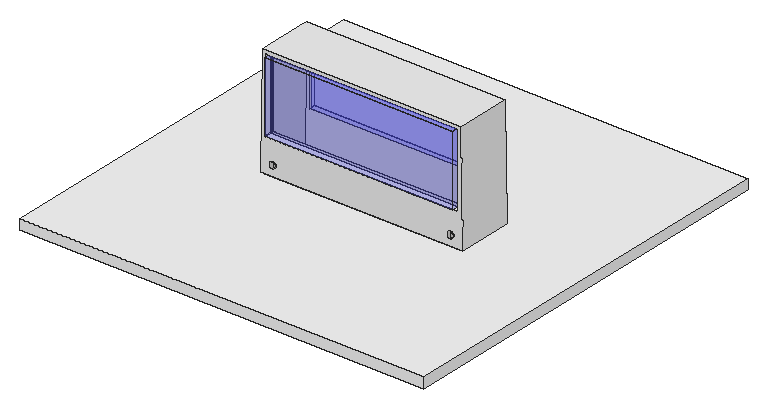
Revit family "BE_12277.1_de_DE", category Leuchten, Revit 2015
Parameters (values of type "BEGA_12277.1_K4")
  built-in parameter 1150104 = 12.115 (stored number, unit not read)
  Wattage = 8.4 W
  Default Elevation = 0 mm
  built-in parameter 1150113 = 1 (stored number, unit not read)
  built-in parameter 1114218 = 1 (stored number, unit not read)
  Umgebungstemperatur = ""
  URL = "http://www.bega.de/produkt/12277.1"
  Typenkommentare = "© 2017 BEGA. Wir behalten uns das Recht vor, technische Änderungen ohne vorherige Ankündigung vorzunehmen."  # constant formula
  built-in parameter 1150134 = 12
  built-in parameter 1150109 = 1 (stored number, unit not read)
  Strom = ""
  built-in parameter 1150110 = 1 (stored number, unit not read)
  Spannung = 239.996 V
  Sonderanfertigung = no
  Seriennummer [instance] = "Hier können Sie die eindeutige Seriennummer für das Facility Management eintragen."
  Schutzklasse = "I"
  Schutzart = "IP 20"
  Scheinlast = 0 VA
  Produktdatenblatt = "http://www.bega.de/download/Xrfa/db/12277.1.db.de.pdf"
  Oberflächentemperatur = ""
  Neigungswinkel = 0.00°
  Modell = "12277.1K4"
  Material_17 = BEGA_Reflektor
  Material_15 = BEGA_Leuchtmedium_matt
  Material_11 = BEGA_Glas_opal
  Material_09 = BEGA_Glas_klar
  Material_06 = BEGA_Oberfläche_Edelstahl_gebürstet
  Material_05 = BEGA_Oberfläche_Aluminium Guss
  Material_03 = BEGA_Oberfläche_Weiss_matt
  Material_02 = BEGA_Oberfläche_Silber_matt
  Material_01 [instance] = BEGA_Oberfläche_Grafit_matt
  M_W = no
  M_G = no
  M_A = no
  Logo = 0
  built-in parameter 1114217 = 1 (stored number, unit not read)
  built-in parameter 1150139 = (empty or 0)
  built-in parameter 1150105 = 87.166 (stored number, unit not read)
  built-in parameter 1150114 = 1 (stored number, unit not read)
  Lumens = 1095.36 lm
  built-in parameter 1150115 = 1 (stored number, unit not read)
  Leuchtenlichtstrom = "612 lm"
  Leuchtenanzahl = ""
  Lebensdauerkriterien = "L70B50 @ 25 °C = 132000 h"
  Lastklassifizierung = Beleuchtung
  built-in parameter 1150112 = 1 (stored number, unit not read)
  Lampenlichtstrom = "1095 lm"
  Lampe = "LED 8.4 W"
  LED_Modulbezeichnung = "LED-0598/940 "
  Hersteller = "BEGA"  # constant formula
  Halbstreuwinkel = ""
  Gewicht = "1.1 kg"
  Gebrauchslageneinschränkung [instance] = ""
  Frequenz = "0/50-60 Hz"
  Farbwiedergabeindex = "Ra > 90"
  Farbtemperaturverschiebung bei Dämpfen der Lampe = <Keine Auswahl>
  Farbtemperatur = "4000 K"
  Color Filter = 16777215
  built-in parameter 1150133 = 10 (stored number, unit not read)
  Energieeffizienzklasse = "LED A++ - A"
  built-in parameter 1150137 = (empty or 0)
  built-in parameter 1150132 = (empty or 0)
  ENEC = ""
  Dimmbar [instance] = ""
  Datei für fotometrisches Netz = "BE_12277K4.IES"
  CE_Konformität = "ja"
  Bestellnummer = "12277.1K4"
  Beschreibung_Sonderanfertigung = "Hier können Sie Informationen zur Sonderanfertigung eintragen."
  Beschreibung = "Wandleuchte"
  built-in parameter 1150106 = 0.87166 (stored number, unit not read)
  Befestigungsbohrung = "Ø 4,5 mm"
  Befestigungsabstand = "176 mm"
  Ballwurfsicher = ""
  BEGA_Intern_aus = yes
  BEGA_Intern_an = yes
  BEGA_Intern_Konstruktion = yes
  BEGA_Intern = yes
  BEGA_IES = yes
  BEGA_Dummy = no
  Anschlussleitung = ""
  Anschlussleistung [instance] = "10.7 W"
  Anschlusskasten = ""
  built-in parameter 1150107 = 4000 (stored number, unit not read)
  built-in parameter 1150102 = (empty or 0)
  built-in parameter 1150138 = (empty or 0)
  Aktualisierung = "2017-07-12T04:08:54"
  Abstand_zur_angestrahlten_Fläche [instance] = ""
  AC/DC = "AC/DC"
Types (2, lengths in mm): name | built-in parameter 1150104 | built-in parameter 1150134 | Modell | built-in parameter 1150105 | Lumens | Leuchtenlichtstrom | Lampenlichtstrom | LED_Modulbezeichnung | Farbtemperatur | Datei für fotometrisches Netz | Bestellnummer | built-in parameter 1150106 | built-in parameter 1150107
  BEGA_12277.1_K3 | 11.669 (stored number, unit not read) | (empty or 0) | "12277.1" | 83.957 (stored number, unit not read) | 1055.04 lm | "590 lm" | "1055 lm" | "LED-0598/930 " | "3000 K" | "BE_12277.IES" | "12277.1" | 0.83957 (stored number, unit not read) | 3000 (stored number, unit not read)
  BEGA_12277.1_K4 | 12.115 (stored number, unit not read) | 12 | "12277.1K4" | 87.166 (stored number, unit not read) | 1095.36 lm | "612 lm" | "1095 lm" | "LED-0598/940 " | "4000 K" | "BE_12277K4.IES" | "12277.1K4" | 0.87166 (stored number, unit not read) | 4000 (stored number, unit not read)
Reference planes
  plane 1 "Mitte (Vorne/Hinten)": y = 0
  plane 2: z = 0
  plane 3 "Mitte (Links/Rechts)": x = 0
  plane 4 "Links": x = -100
  plane 5 "Rechts": x = 100
  plane 6 "Unten": y = -31.2
  plane 7 "Oben": y = 31.2
  plane 8 "Vorne": z = 110
  plane 9 "Hinten": z = 0
Forms (mm)
  Extrusion 1, solid, material "BEGA_Platte_Weiss"
    sketch origin (0, -1119.2, 0) x (1, 0, 0) y (0, 1, 0)
      loop
        line (-200, 1319.2) -> (-200, 919.2) -> (200, 919.2) -> (200, 1319.2) -> (-200, 1319.2)
    from 0 to -10
  Extrusion 2, solid, material "BEGA_Dummy_matt", visible <- "BEGA_Dummy"
    sketch origin (80.095, -76.023, 0) x (1, 0, 0) y (0, 1, 0)
      loop
        line (-180.095, 107.223) -> (-180.095, 44.823) -> (19.905, 44.823) -> (19.905, 107.223) -> (-180.095, 107.223)
    from 0 to 110
Dimensions and locks
  plane 1 "Mitte (Vorne/Hinten)" to Extrusion 1 = 200 mm
  aligned and locked: plane 2 to Extrusion 1
  aligned and locked: level to Extrusion 1
Nested families
  nested 1: "BE_12277.1" at (0, 0, 0), type "BE_12277.1"
Connectors
  electrical at (0, 0, 0), driven by "Lastklassifizierung", driven by "Spannung", driven by "Scheinlast"
    settings: index 1, voltage 239.996 V, apparent load 0 VA, apparent load phase1 0 VA, apparent load phase2 0 VA, apparent load phase3 0 VA, power factor 1, load classification "Beleuchtung", number of poles 1, system type 31, power factor state 1, is connector primary yes, connector utility no, sub classification motor no, connector description ""
Definition of nested family "BE_12277.1"
  Parameters (values of type "BE_12277.1")
    Default Elevation = 1 mm
    URL = "http://www.bega.de/de/produkt"
    Type Comments = "© 2015 BEGA. Wir behalten uns das Recht vor, technische Änderungen ohne vorherige Ankündigung vorzunehmen. "  # constant formula
    Type Image = (empty or 0)
    Neigungswinkel_um_Z2 = 0.00°
    Neigungswinkel_um_Z1 = 0.00°
    Neigungswinkel_um_Y2 = 0.00°
    Neigungswinkel_um_Y1 = 0.00°
    Neigungswinkel_um_X2 = 0.00°
    Neigungswinkel_um_X1 = 0.00°
    Material_17 = none
    Material_15 = none
    Material_11 = none
    Material_09 = none
    Material_06 = none
    Material_05 = none
    Material_03 = none
    Material_02 = none
    Material_01 = none
    M_W = yes
    M_G = yes
    M_A = yes
    Länge_Platte = 300 mm  # constant formula
    Höhe_Platte = -10 mm  # constant formula
    Manufacturer = "BEGA"  # constant formula
    Drehwinkel_um_Z2 = 0.00°
    Drehwinkel_um_Z1 = 0.00°
    Breite_Platte = 200 mm  # constant formula
  Reference planes
    plane 1 "Mitte (Oben/Unten)": y = 0
    plane 2: z = 0
    plane 3 "Mitte (Links/Rechts)": x = 0
    plane 4: x = -100
    plane 5: z = 110
    plane 6: x = 100
    plane 7: y = -31.2
    plane 8: y = 31.2
  Forms (mm)
    Extrusion 1, solid, detail levels medium
      sketch origin (0, 0, 0) x (1, 0, 0) y (0, 1, 0)
        loop
          line (-150, 100) -> (-150, -100) -> (150, -100) -> (150, 100) -> (-150, 100)
      from 0 to -10 <- "Höhe_Platte"
    Extrusion 2, solid, material <- "Material_03", detail levels medium+fine
      sketch origin (0, 0, 0) x (1, 0, 0) y (0, 0, 1)
        loop
          line (-98.097, 110) -> (-100, 1) -> (-99, 1) -> (-96.951, 2.844) -> (-94.21, 107.5) -> (94.211, 107.5) -> (96.951, 2.844) -> (99, 1) -> (100, 1) -> (98.097, 110) -> (-98.097, 110)
      from -27.5 to 27.5
    Extrusion 3, solid, material <- "Material_03", detail levels medium+fine
      sketch origin (0, 0, 0) x (1, 0, 0) y (0, 0, 1)
        loop
          line (98.097, 110) -> (-98.097, 110) -> (-100, 1) -> (100, 1) -> (98.097, 110)
      from -27.5 to -23.02
    Extrusion 4, solid, material <- "Material_03", detail levels medium+fine
      sketch origin (0, 0, 0) x (1, 0, 0) y (0, 0, -1)
        loop
          line (98.097, -110) -> (100, -1) -> (-100, -1) -> (-98.097, -110) -> (98.097, -110)
      from -27.5 to -22.952
    Extrusion 5, void
      sketch origin (0, 0, 0) x (0, 1, 0) y (0, 0, 1)
        loop
          line (29.71, 104.057) -> (-30, 104.057) -> (-30, 37.397) -> (29.71, 37.397) -> (29.71, 104.057)
      from -91.202 to 91.361
    Extrusion 6, void
      sketch origin (0, 0, 0) x (1, 0, 0) y (0, 1, 0)
        loop
          circle (-58, 10) r 8
        loop
          circle (-38, 10) r 8
        loop
          arc (-90.25, -2.75) -> (-88, -5) -> (-85.75, -2.75) r 2.25
          line (-85.75, -2.75) -> (-85.75, 2.75)
          arc (-85.75, 2.75) -> (-88, 5) -> (-90.25, 2.75) r 2.25
          line (-90.25, 2.75) -> (-90.25, -2.75)
        loop
          arc (90.75, -2.25) -> (93, 0) -> (90.75, 2.25) r 2.25
          line (90.75, 2.25) -> (85.25, 2.25)
          arc (85.25, 2.25) -> (83, 0) -> (85.25, -2.25) r 2.25
          line (85.25, -2.25) -> (90.75, -2.25)
      from 0 to 4.5
    Extrusion 7, solid, material <- "Material_03", detail levels medium+fine
      sketch origin (0, 0, 0) x (0, 1, 0) y (0, 0, 1)
        loop
          line (27, 0) -> (27, 1) -> (24.5, 1)
          arc (24.5, 1) -> (23.923, 1.184) -> (23.557, 1.667) r 1
          arc (23.557, 1.667) -> (22.826, 2.633) -> (21.672, 3) r 2
          line (21.672, 3) -> (-21.672, 3)
          arc (-21.672, 3) -> (-22.826, 2.633) -> (-23.557, 1.667) r 2
          arc (-23.557, 1.667) -> (-23.923, 1.184) -> (-24.5, 1) r 1
          line (-24.5, 1) -> (-27, 1) -> (-27, 0) -> (-24.5, 0)
          arc (-24.5, 0) -> (-23.345, 0.367) -> (-22.614, 1.333) r 2
          arc (-22.614, 1.333) -> (-22.249, 1.816) -> (-21.672, 2) r 1
          line (-21.672, 2) -> (21.672, 2)
          arc (21.672, 2) -> (22.249, 1.816) -> (22.614, 1.333) r 1
          arc (22.614, 1.333) -> (23.345, 0.367) -> (24.5, 0) r 2
          line (24.5, 0) -> (27, 0)
      from -96.534 to 96.5
    Revolve 8, solid, material <- "Material_06", detail levels fine
      sketch origin (-88, 0, 0) x (0, 1, 0) y (0, 0, 1)
        loop
          line (-19.529, 10.861) -> (-19.477, 13.86) -> (-27.532, 14.001) -> (-27.584, 11.001) -> (-19.529, 10.861)
        axis (-19.529, 10.861) -> (-27.584, 11.001)
      angle from 0 to 360
    Revolve 9, solid, material <- "Material_06", detail levels fine
      sketch origin (88, 0, 0) x (0, 1, 0) y (0, 0, -1)
        loop
          line (-19.529, -10.861) -> (-27.584, -11.001) -> (-27.532, -14.001) -> (-19.477, -13.86) -> (-19.529, -10.861)
        axis (-19.529, -10.861) -> (-27.584, -11.001)
      angle from 0 to 360
    Sweep 10, void
      path origin (0, 0, 0) x (1, 0, 0) y (0, 0, 1)
        loop
          line (91.281, 104.057) -> (-91.281, 104.057) -> (-91.281, 37.397) -> (91.281, 37.397) -> (91.281, 104.057)
      profile origin (0, 0, 104.057) x (0, 0, -1) y (0, -1, 0)
        loop
          line (-1.878, 23.2) -> (21.239, 23.2) -> (21.239, 29.023) -> (-3.997, 29.023) -> (-1.878, 23.2)
    Extrusion 11, solid, material <- "Material_11", detail levels medium+fine
      sketch origin (0, 0, 0) x (0, -1, 0) y (0, 0, -1)
        loop
          line (31.2, -106) -> (31.2, -35.5) -> (23.2, -35.5) -> (23.2, -106) -> (31.2, -106)
      from -93.159 to 93.159
    Extrusion 12, solid, material <- "Material_11", detail levels medium+fine
      sketch origin (0, 0, 0) x (0, 1, 0) y (0, 0, 1)
        loop
          line (31.2, 106) -> (23.2, 106) -> (23.2, 35.5) -> (31.2, 35.5) -> (31.2, 106)
      from -93.159 to 93.159
    Sweep 13, void
      path origin (0, 0, 0) x (1, 0, 0) y (0, 0, -1)
        loop
          line (91.281, -104.057) -> (91.281, -37.397) -> (-91.281, -37.397) -> (-91.281, -104.057) -> (91.281, -104.057)
      profile origin (0, 0, 104.057) x (0, 0, 1) y (0, 1, 0)
        loop
          line (1.878, 23.2) -> (3.997, 29.023) -> (-21.239, 29.023) -> (-21.239, 23.2) -> (1.878, 23.2)
  Cuts and joins
    Extrusion 5, Sweep 10, Sweep 13 cuts Extrusion 2
    Extrusion 5, Sweep 10, Sweep 13 cuts Extrusion 3
    Extrusion 5, Sweep 10, Sweep 13 cuts Extrusion 4
    joined: Extrusion 2, Extrusion 3, Extrusion 4
    Extrusion 6 cuts Extrusion 7
    Sweep 13 cuts Extrusion 11
  Dimensions and locks
    equal spacing: Extrusion 1 sketch curve, plane 3 "Mitte (Links/Rechts)", Extrusion 1 sketch curve
    equal spacing: Extrusion 1 sketch curve, plane 1 "Mitte (Oben/Unten)", Extrusion 1 sketch curve
    "Länge_Platte": Extrusion 1 sketch curve to Extrusion 1 sketch curve
    "Breite_Platte": Extrusion 1 sketch curve to Extrusion 1 sketch curve
    aligned and locked: plane 2 to Extrusion 1
    aligned and locked: level to Extrusion 1
  Automatic sketch dimensions
    level to Extrusion 2 sketch curve = 1 mm  (x2)
    Extrusion 2 sketch curve to plane 3 "Mitte (Links/Rechts)" = 100 mm
    Extrusion 2 sketch curve to Extrusion 2 sketch curve = 1 mm  (x2)
    Extrusion 2 sketch curve to plane 3 "Mitte (Links/Rechts)" = 98.097 mm
    level to Extrusion 2 sketch curve = 2.844 mm  (x2)
    Extrusion 2 sketch curve to Extrusion 2 sketch curve = 2.048 mm  (x2)
    Extrusion 2 sketch curve to Extrusion 2 sketch curve = 3.887 mm  (x2)
    plane 3 "Mitte (Links/Rechts)" to Extrusion 2 sketch curve = 94.211 mm
    plane 3 "Mitte (Links/Rechts)" to Extrusion 2 sketch curve = 96.951 mm
    Extrusion 2 sketch curve to Extrusion 2 sketch curve = 2.5 mm
    level to Extrusion 3 sketch curve = 1 mm
    Extrusion 3 sketch curve to plane 3 "Mitte (Links/Rechts)" = 100 mm
    Extrusion 3 sketch curve to plane 3 "Mitte (Links/Rechts)" = 98.097 mm
    plane 3 "Mitte (Links/Rechts)" to Extrusion 3 sketch curve = 98.097 mm
    plane 3 "Mitte (Links/Rechts)" to Extrusion 3 sketch curve = 100 mm
    level to Extrusion 4 sketch curve = 1 mm
    Extrusion 4 sketch curve to plane 3 "Mitte (Links/Rechts)" = 100 mm
    Extrusion 4 sketch curve to plane 3 "Mitte (Links/Rechts)" = 98.097 mm
    plane 3 "Mitte (Links/Rechts)" to Extrusion 4 sketch curve = 98.097 mm
    plane 3 "Mitte (Links/Rechts)" to Extrusion 4 sketch curve = 100 mm
    plane 1 "Mitte (Oben/Unten)" to Extrusion 5 sketch curve = 30 mm
    Extrusion 5 sketch curve to plane 1 "Mitte (Oben/Unten)" = 29.71 mm
    level to Extrusion 5 sketch curve = 37.397 mm
    Extrusion 5 sketch curve to Extrusion 5 sketch curve = 66.66 mm
    plane 1 "Mitte (Oben/Unten)" to Extrusion 6 sketch curve = 0 mm
    plane 1 "Mitte (Oben/Unten)" to Extrusion 6 sketch curve = 2.75 mm
    Extrusion 6 sketch curve to plane 3 "Mitte (Links/Rechts)" = 90.25 mm
    Extrusion 6 sketch curve to Extrusion 6 sketch curve = 2.25 mm
    Extrusion 6 sketch curve to plane 1 "Mitte (Oben/Unten)" = 10 mm  (x2)
    Extrusion 6 sketch curve to Extrusion 6 sketch curve = 27.75 mm
    Extrusion 6 sketch curve to Extrusion 6 sketch curve = 20 mm
    plane 1 "Mitte (Oben/Unten)" to Extrusion 6 sketch curve = 2.25 mm
    plane 3 "Mitte (Links/Rechts)" to Extrusion 6 sketch curve = 85.25 mm
    Extrusion 6 sketch curve to Extrusion 6 sketch curve = 5.5 mm
    Extrusion 6 sketch curve to plane 1 "Mitte (Oben/Unten)" = 2.75 mm
    Extrusion 7 sketch curve to Extrusion 7 sketch curve = 0 mm  (x12)
    Extrusion 7 sketch curve to level = 0 mm  (x2)
    level to Extrusion 7 sketch curve = 1 mm  (x4)
    plane 1 "Mitte (Oben/Unten)" to Extrusion 7 sketch curve = 27 mm
    Extrusion 7 sketch curve to Extrusion 7 sketch curve = 2.5 mm  (x2)
    Extrusion 7 sketch curve to Extrusion 7 sketch curve = 2.828 mm  (x2)
    level to Extrusion 7 sketch curve = 3 mm
    Extrusion 7 sketch curve to plane 1 "Mitte (Oben/Unten)" = 21.672 mm
    Extrusion 7 sketch curve to Extrusion 7 sketch curve = 1 mm  (x3)
    Extrusion 7 sketch curve to Extrusion 7 sketch curve = 0.943 mm  (x4)
    level to Revolve 8 sketch curve = 11.001 mm
    plane 1 "Mitte (Oben/Unten)" to Revolve 8 sketch curve = 27.584 mm
    Revolve 8 sketch curve to Revolve 8 sketch curve = 0.052 mm  (x2)
    Revolve 8 sketch curve to Revolve 8 sketch curve = 8.055 mm
    Revolve 8 sketch curve to Revolve 8 sketch curve = 0.141 mm
    Revolve 8 sketch curve to Revolve 8 sketch curve = 3 mm
    Revolve 8 sketch curve to Revolve 8 sketch curve = 2.999 mm
    level to Revolve 8 sketch curve = 10.912 mm
    Revolve 8 sketch curve to Revolve 8 sketch curve = 2.905 mm
    Revolve 8 sketch curve to Revolve 8 sketch curve = 6.963 mm
    Revolve 8 sketch curve to Revolve 8 sketch curve = 0.122 mm
    level to Revolve 9 sketch curve = 11.001 mm
    plane 1 "Mitte (Oben/Unten)" to Revolve 9 sketch curve = 27.584 mm
    Revolve 9 sketch curve to Revolve 9 sketch curve = 0.052 mm  (x2)
    Revolve 9 sketch curve to Revolve 9 sketch curve = 8.055 mm
    Revolve 9 sketch curve to Revolve 9 sketch curve = 2.859 mm
    Revolve 9 sketch curve to Revolve 9 sketch curve = 2.999 mm
    Revolve 9 sketch curve to Revolve 9 sketch curve = 3 mm
    level to Revolve 9 sketch curve = 10.912 mm
    Revolve 9 sketch curve to Revolve 9 sketch curve = 2.905 mm
    Revolve 9 sketch curve to Revolve 9 sketch curve = 6.963 mm
    Revolve 9 sketch curve to Revolve 9 sketch curve = 0.122 mm
    Sweep 10 sketch curve to plane 3 "Mitte (Links/Rechts)" = 91.281 mm
    level to Sweep 10 sketch curve = 37.397 mm
    plane 3 "Mitte (Links/Rechts)" to Sweep 10 sketch curve = 91.281 mm
    Sweep 10 sketch curve to Sweep 10 sketch curve = 66.66 mm
    profile plane to Sweep 10 sketch curve = 3.997 mm
    profile plane to Sweep 10 sketch curve = 1.878 mm
    Sweep 10 sketch curve to profile plane = 21.239 mm
    plane 1 "Mitte (Oben/Unten)" to Sweep 10 sketch curve = 23.2 mm
    Sweep 10 sketch curve to Sweep 10 sketch curve = 5.823 mm
    Extrusion 11 sketch curve to plane 1 "Mitte (Oben/Unten)" = 23.2 mm
    Extrusion 11 sketch curve to Extrusion 11 sketch curve = 8 mm
    Extrusion 11 sketch curve to level = 35.5 mm
    Extrusion 11 sketch curve to Extrusion 11 sketch curve = 70.5 mm
    Extrusion 12 sketch curve to plane 1 "Mitte (Oben/Unten)" = 23.2 mm
    Extrusion 12 sketch curve to Extrusion 12 sketch curve = 8 mm
    level to Extrusion 12 sketch curve = 35.5 mm
    Extrusion 12 sketch curve to Extrusion 12 sketch curve = 70.5 mm
    Sweep 13 sketch curve to plane 3 "Mitte (Links/Rechts)" = 91.281 mm
    level to Sweep 13 sketch curve = 37.397 mm
    plane 3 "Mitte (Links/Rechts)" to Sweep 13 sketch curve = 91.281 mm
    Sweep 13 sketch curve to Sweep 13 sketch curve = 66.66 mm
    profile plane to Sweep 13 sketch curve = 21.239 mm
    Sweep 13 sketch curve to profile plane = 1.878 mm
    Sweep 13 sketch curve to profile plane = 3.997 mm
    profile plane to Sweep 13 sketch curve = 23.2 mm
    Sweep 13 sketch curve to Sweep 13 sketch curve = 5.823 mm
    Extrusion 2 sketch curve to Extrusion 2 sketch curve = 104.656 mm
    Extrusion 3 sketch curve to Extrusion 3 sketch curve = 109 mm
    Extrusion 4 sketch curve to Extrusion 4 sketch curve = 109 mm
    radius of Extrusion 6 sketch curve = 8 mm  (x2)
